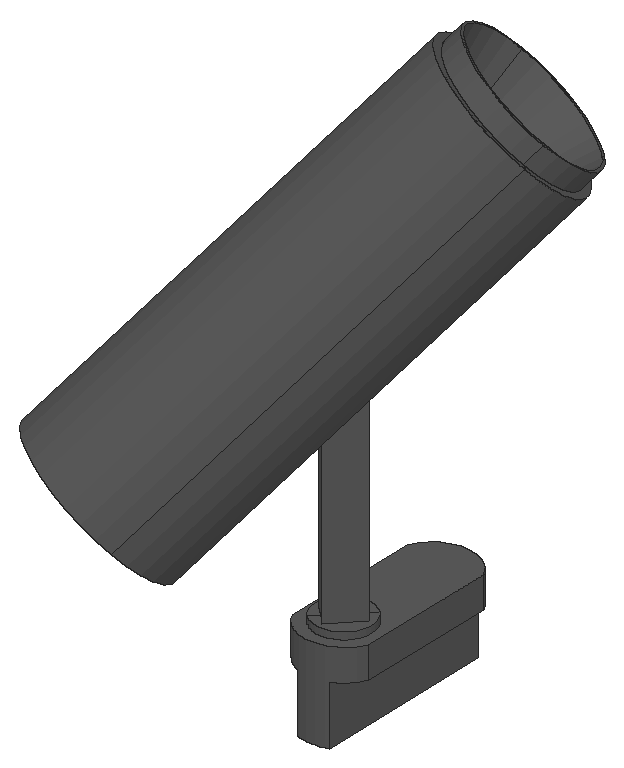
Revit family "0005527", category Lighting Fixtures, host Face, Revit 2017
Family settings
  Host = Face
  Round Connector Dimension = Use Diameter
  Part Type = Normal
  OmniClass Number = 23.80.70.00
  OmniClass Title = Lighting
  Cut with Voids When Loaded = No
  Light Source = No
  Shared = No
  Room Calculation Point = No
Parameters (values of type "0005527 LENZO L 32W 2000LM 930 GLB O/B BLACK - WB")
  Weight = "n/a"
  Wattage Comments = ""
  WarrantyStartDate [instance] = "n/a"
  WarrantyGuarantorParts = "n/a"
  WarrantyDurationUnit = "n/a"
  WarrantyDurationParts = "n/a"
  WarrantyDescription = "n/a"
  Voltage = 230 V
  VerticalRotation_SYL [instance] = 45.00°
  VerticalEndAngle_SYL [instance] = VerticalRotation_SYL - 180.00°  # -135.00°
  URL = "http://www.sylvania-lighting.com"
  TypeName = "LENZO L 32W 2000LM 930 GLB ON BOARD DIMMING BLACK - WB"
  TypeHead_SYL = Lenzo Head : 0005527 LENZO L 32W 2000LM 930 GLB O/B BLACK - WB
  Type Image = <None>
  Type Comments = "n/a"
  SerialNumber [instance] = "n/a"
  Material_3_SYL = none
  PowerFactor = 0
  PowerConsumption = "28 W"
  NominalLength = 76 mm
  NominalHeight = 305 mm
  NominalDepth = 76 mm
  Name = "LENZO L 32W 2000LM 930 GLB ON BOARD DIMMING BLACK - WB"
  ModelReference = Name  # "LENZO L 32W 2000LM 930 GLB ON BOARD DIMMING BLACK - WB"
  ModelNumber = "0005527"
  Model = Name  # "LENZO L 32W 2000LM 930 GLB ON BOARD DIMMING BLACK - WB"
  Material = "aluminium housing, none diffuser"
  ManufacturerName = "Feilo Sylvania"
  Manufacturer = "Feilo Sylvania"
  LuminousEfficacy = "56 lm/W"
  LuminaireType = ""
  LightOutputRatio = "n/a"
  LampsType = Lamp  # "LED"
  LampNominalLuminous = "800/1600 lm"
  LampMacAdamStep = "3"
  LampColourTemperature = "3000 K"
  LampColourRenderingIndex = "90"
  Lamp = "LED"
  Keynote = "16500"
  InstallationDate [instance] = "n/a"
  InputVoltage = "220-240 V AC"
  InputNominalFrequency = "50/60 Hz"
  IngressProtection = "IP20"
  ImpactProtectionIndex = "IK02"
  IfcExportType = "IfcLightFixtureType"
  IfcExportAs = "IfcLightFixtureType"
  HorizontalRotation_SYL [instance] = -45.00°
  ExpectedLife = 50000
  ElectricShockClassification = "Class I"
  DurationUnit = "hours"
  DocumentationLiterature = "http://www.sylvania-lighting.com/product/en-int/products/0005527"
  DimmingControlOptions = "on board dimming"
  Material_2_SYL = Spacer-Sylvania-StartTrackSpot-Aluminium
  Description = "LENZO L 32W 2000LM 930 GLB O/B BLACK - WB"
  Default Elevation = 1219.2 mm
  CreatedOn = "9/25/2019"
  CreatedBy = "@sylvania-lighting.com"
  Cost = 0
  built-in parameter 1114216 [instance] = (empty or 0)
  ClassificationValue = "EF_70_80"
  ClassificationName = "Uniclass2015"
  Material_1_SYL = Body-Sylvania-StartTrackSpot-Black
  BarCode [instance] = "n/a"
  AssetType = "Fixed"
  AssetIdentifier [instance] = "n/a"
  Assembly Code = "D5020200"
  Apparent Load = 28 VA
  Material_4_SYL = none
Types (2, lengths in mm): name | TypeName | TypeHead_SYL | Name | ModelReference | Model | Description
  0005527 LENZO L 32W 2000LM 930 GLB O/B BLACK - WB | "LENZO L 32W 2000LM 930 GLB ON BOARD DIMMING BLACK - WB" | Lenzo Head : 0005527 LENZO L 32W 2000LM 930 GLB O/B BLACK - WB | "LENZO L 32W 2000LM 930 GLB ON BOARD DIMMING BLACK - WB" | "LENZO L 32W 2000LM 930 GLB ON BOARD DIMMING BLACK - WB" | "LENZO L 32W 2000LM 930 GLB ON BOARD DIMMING BLACK - WB" | "LENZO L 32W 2000LM 930 GLB O/B BLACK - WB"
  0005527 LENZO L 32W 2000LM 930 GLB O/B BLACK - NB | "LENZO L 32W 2000LM 930 GLB ON BOARD DIMMING BLACK - NB" | Lenzo Head : 0005527 LENZO L 32W 2000LM 930 GLB O/B BLACK - NB | "LENZO L 32W 2000LM 930 GLB ON BOARD DIMMING BLACK - NB" | "LENZO L 32W 2000LM 930 GLB ON BOARD DIMMING BLACK - NB" | "LENZO L 32W 2000LM 930 GLB ON BOARD DIMMING BLACK - NB" | "LENZO L 32W 2000LM 930 GLB O/B BLACK - NB"
Reference planes
  plane 1 "Center (Front/Back)": y = 0
  plane 2: z = 0
  plane 3 "Center (Left/Right)": x = 0
  plane 4: x = 16.6
  plane 5: x = -16.6
  plane 6: x = 7
  plane 7: x = -7
  plane 8: x = -12.8
  plane 9: y = 42
  plane 10: y = 42
  plane 11: y = -42
  plane 12: y = 31.4
  plane 13: y = -31.4
  plane 14: z = -26
  plane 15: z = 14
  plane 16: z = 14
  plane 17: y = -17.4
  plane 18: y = -6.8
  plane 19: y = -24.4
Forms (mm)
  Extrusion 1, solid, material "Body-Sylvania-StartTrackSpot-Black" <- "Material_1_SYL"
    sketch origin (0, 0, 0) x (1, 0, 0) y (0, 1, 0)
      loop
        line (-16.6, 31.4) -> (-16.6, -31.4)
        arc (-16.6, -31.4) -> (0, -42) -> (16.6, -31.4) r 18.298
        line (16.6, -31.4) -> (16.6, 31.4)
        arc (16.6, 31.4) -> (0, 42) -> (-16.6, 31.4) r 18.298
    from -26 to 14
  Extrusion 2, void
    sketch origin (0, 0, 0) x (1, 0, 0) y (0, 1, 0)
      loop
        arc (-7, 40.608) -> (-12.666, 36.907) -> (-16.6, 31.4) r 18.298
        line (-16.6, 31.4) -> (-16.6, -31.4)
        arc (-16.6, -31.4) -> (-12.666, -36.907) -> (-7, -40.608) r 18.298
        line (-7, -40.608) -> (-7, 40.608)
      loop
        line (16.6, -31.4) -> (16.6, 31.4)
        arc (16.6, 31.4) -> (12.666, 36.907) -> (7, 40.608) r 18.298
        line (7, 40.608) -> (7, -40.608)
        arc (7, -40.608) -> (12.666, -36.907) -> (16.6, -31.4) r 18.298
    from 0 to -26
  Revolve 3, solid, not visible
    sketch origin (1524, -24.4, 1219.2) x (1, 0, 0) y (0, 0, 1)
      loop
        line (-1524, -1202.5) -> (-1524, -1183.235) -> (-1531, -1183.235) -> (-1531, -1202.5) -> (-1524, -1202.5)
      axis (-1524, -1183.235) -> (-1524, -1202.5)
    angle from 45 <- "VerticalRotation_SYL" to -135 <- "VerticalEndAngle_SYL"
Cuts and joins
  Extrusion 2 cuts Extrusion 1
Lines and regions (mm)
  reference lines
    curve 1: circle (0, -24.4, 0) r 12.7 normal (0, 0, 1)
    curve 2: arc (-16.6, -31.4, 0) -> (0, -42, 0) -> (16.6, -31.4, 0) r 18.298
    curve 3: arc (-16.6, -17.4, 0) -> (0, -6.8, 0) -> (16.6, -17.4, 0) r 18.298
    curve 4: arc (-16.6, 31.4, 0) -> (0, 42, 0) -> (16.6, 31.4, 0) r 18.298
Dimensions and locks
  plane 6 to plane 3 "Center (Left/Right)" to plane 7 = 7 mm locked, 7 mm locked
  plane 4 to plane 3 "Center (Left/Right)" to plane 5 = 16.6 mm locked, 16.6 mm locked
  locked: plane 3 "Center (Left/Right)" to plane 8 at 12.8
  plane 11 to plane 1 "Center (Front/Back)" to plane 10 = 42 mm locked, 42 mm locked
  plane 13 to plane 1 "Center (Front/Back)" to plane 12 = 31.4 mm locked, 31.4 mm locked
  locked: plane 2 to plane 14 at 26
  locked: plane 13 to plane 17 at 14
  locked: plane 17 to plane 18 at 10.6
  equal spacing: plane 13, plane 19, plane 17
  locked: plane 19 to curve 2 at 0.698
  locked: curve 3 to plane 19 at 0.698
  locked: plane 16 to plane 2 at 14
  aligned and locked: plane 2 to host face
  aligned and locked: level to host face
  aligned and locked: plane 3 "Center (Left/Right)" to curve 1
  aligned and locked: plane 19 to curve 1
  aligned and locked: plane 13 to curve 2  (x2)
  aligned and locked: plane 17 to curve 3  (x2)
  aligned and locked: plane 12 to curve 4  (x2)
  aligned and locked: plane 4 to curve 4
  aligned and locked: plane 3 "Center (Left/Right)" to curve 4
  aligned and locked: plane 5 to curve 2
  aligned and locked: plane 5 to curve 3
  aligned and locked: plane 4 to curve 3
  aligned and locked: plane 4 to curve 2
  aligned and locked: plane 12 to Extrusion 1 sketch curve
  aligned and locked: plane 13 to Extrusion 1 sketch curve
  aligned and locked: Extrusion 1 sketch curve to curve 4
  aligned and locked: Extrusion 1 sketch curve to curve 2
  aligned and locked: Extrusion 1 to plane 15
  aligned and locked: plane 14 to Extrusion 1
  aligned and locked: Extrusion 2 sketch curve to Extrusion 1  (x5)
  aligned and locked: Extrusion 2 sketch curve to plane 7
  aligned and locked: plane 14 to Extrusion 2
  aligned and locked: level to Extrusion 2
  aligned and locked: Revolve 3 sketch curve to plane 3 "Center (Left/Right)"
  aligned and locked: plane 16 to nested 1
  aligned and locked: plane 16 to plane 15
Automatic sketch dimensions
  plane 12 to curve 4 = 7.698 mm
  plane 12 to Extrusion 2 sketch curve = 0 mm
  Extrusion 2 sketch curve to Extrusion 2 sketch curve = 0 mm  (x2)
  Extrusion 2 sketch curve to plane 6 = 0 mm
  Revolve 3 sketch curve to plane 7 = 0 mm
  Revolve 3 sketch curve to Revolve 3 sketch curve = 19.265 mm
  plane 14 to Revolve 3 sketch curve = 583.6 mm
  Revolve 3 sketch curve to Revolve 3 sketch curve = 2558.594 mm
  Revolve 3 sketch curve to plane 3 "Center (Left/Right)" = 0 mm
  host sketch curve to host sketch curve = 200 mm  (x2)
  Revolve 3 sketch curve to plane 16 = 2.7 mm
  radius of curve 1 = 12.7 mm
Nested families
  nested 1: "Lenzo Arm" at (0, -24.4, 14) x (0, 0, -1) z (0.7071, 0.7071, 0), HorizontalRotation_SYL <- "HorizontalRotation_SYL", type "START Track Spot Integral WH"
    with HorizontalRotation_SYL -45.00°, HorizontalEndAngle_SYL -225.00°
  nested 2: "Lenzo Head" at (-14.453, -38.853, 130.44) x (0.7071, -0.7071, 0) z (-0.5, -0.5, -0.7071), type <- "TypeHead_SYL", type "0005527 LENZO L 32W 2000LM 930 GLB O/B BLACK - WB"
    with built-in parameter 1114216 (empty or 0)
Connectors
  electrical at (0, 0, 0), driven by "Apparent Load", driven by "PowerFactor", driven by "Voltage"
    settings: index 1, voltage 230 V, apparent load 28 VA, apparent load phase1 0 VA, apparent load phase2 0 VA, apparent load phase3 0 VA, power factor 0, load classification "Lighting", number of poles 1, system type 30, power factor state 1, is connector primary yes, connector utility no, sub classification motor no, connector description ""
Definition of nested family "Lenzo Arm"
  Parameters (values of type "START Track Spot Integral WH")
    URL = "http://www.sylvania-lighting.com"
    Type Image = (empty or 0)
    Type Comments = "n/a"
    Material_3_SYL = none
    Model = ""
    Manufacturer = "Feilo Sylvania"
    Keynote = ""
    Material_2_SYL = none
    HorizontalRotation_SYL [instance] = 0.00°
    HorizontalEndAngle_SYL [instance] = HorizontalRotation_SYL - 180.00°  # -180.00°
    Description = ""
    Default Elevation = 1219.2 mm
    Cost = 0
    Material_1_SYL = none
    Assembly Code = ""
    Material_4_SYL = none
  Reference planes
    plane 1 "Center (Front/Back)": y = 0
    plane 2: z = 0
    plane 3 "Center (Left/Right)": x = 0
    plane 4: x = -3
    plane 5: z = -12.5
    plane 6: z = 12.5
    plane 7: x = -96
    plane 8: z = 8
    plane 9: z = -8
    plane 10: x = -103
    plane 11: y = 5.5
    plane 12: y = -5.5
  Forms (mm)
    Extrusion 1, solid
      sketch origin (1116.2, 0, 0) x (1, 0, 0) y (0, 1, 0)
        loop
          line (-1283.103, 99.845) -> (-1283.103, -100.155) -> (-1083.103, -100.155) -> (-1083.103, 99.845) -> (-1283.103, 99.845)
      from 0 to -68.017
    Revolve 2, solid, material <- "Material_1_SYL"
      sketch origin (0, 0, 0) x (1, 0, 0) y (0, 0, 1)
        loop
          line (0, 0) -> (0, 12.5) -> (-3, 12.5) -> (-3, 0) -> (0, 0)
        axis (-3, 0) -> (0, 0)
      angle from 360 to 0
    Extrusion 3, solid, material <- "Material_1_SYL"
      sketch origin (0, 0, 0) x (1, 0, 0) y (0, 0, 1)
        loop
          line (-3, 8) -> (-103, 8) -> (-103, -8) -> (-3, -8) -> (-3, 8)
      from -5.5 to 5.5
    Revolve 4, solid, not visible
      sketch origin (-96, -4572, 2609.058) x (0, 0, 1) y (0, -1, 0)
        loop
          line (-2609.058, -4553.46) -> (-2609.058, -4590.54) -> (-2605.058, -4590.54) -> (-2605.058, -4553.46) -> (-2609.058, -4553.46)
        axis (-2609.058, -4553.46) -> (-2609.058, -4590.54)
      angle from 0 <- "HorizontalRotation_SYL" to -180 <- "HorizontalEndAngle_SYL"
  Dimensions and locks
    locked: plane 3 "Center (Left/Right)" to plane 4 at 3
    plane 6 to plane 2 to plane 5 = 12.5 mm locked, 12.5 mm locked
    equal spacing: Revolve 4 sketch curve, plane 1 "Center (Front/Back)", Revolve 4 sketch curve
    locked: Revolve 4 sketch curve to plane 1 "Center (Front/Back)" at 18.54
    locked: plane 4 to plane 10 at 100
    locked: plane 1 "Center (Front/Back)" to plane 11 at 5.5
    locked: plane 12 to plane 1 "Center (Front/Back)" at 5.5
    plane 8 to plane 2 to plane 9 = 8 mm, 8 mm
    locked: plane 7 to plane 10 at 7
    aligned and locked: plane 2 to Extrusion 1
    aligned and locked: level to Extrusion 1
    aligned and locked: plane 12 to Extrusion 3
    aligned and locked: Extrusion 3 to plane 11
    aligned and locked: plane 9 to Extrusion 3 sketch curve
    aligned and locked: Extrusion 3 sketch curve to plane 8
    aligned and locked: Extrusion 3 sketch curve to plane 10
    aligned and locked: Revolve 2 sketch curve to plane 6
Definition of nested family "Lenzo Head"
  Parameters (values of type "0005527 LENZO L 32W 2000LM 930 GLB O/B BLACK - NB")
    WidthCutOut_SYL = 13 mm  # constant formula
    Wattage Comments = "n/a"
    Wattage = 28 W
    built-in parameter 1150110 = 1 (stored number, unit not read)
    URL = "http://www.sylvania-lighting.com"
    Type Image = (empty or 0)
    Type Comments = "n/a"
    built-in parameter 1114217 = 1 (stored number, unit not read)
    Tilt Angle = 90.00°
    built-in parameter 1150109 = 1 (stored number, unit not read)
    built-in parameter 1150134 = (empty or 0)
    built-in parameter 1150113 = 1 (stored number, unit not read)
    S_SYL = no
    RadiusLensOut_SYL = 21 mm
    RadiusLensHolder_SYL = 1.8 mm  # constant formula
    RadiusHead_SYL = if(S_SYL, 30 mm, 38 mm)  # 38 mm
    RadiusEmission_SYL = 8 mm
    Photometric Web File = "0005527-NB.ies"
    Material_3_SYL = none
    Model = "LENZO L 32W 2000LM 930 GLB ON BOARD DIMMING BLACK - NB"
    Manufacturer = "Feilo Sylvania"
    built-in parameter 1150105 = 124.78 (stored number, unit not read)
    Lumens = 1568 lm
    built-in parameter 1150115 = 1 (stored number, unit not read)
    built-in parameter 1150137 = (empty or 0)
    built-in parameter 1150139 = (empty or 0)
    LensProtrusion_SYL = 27 mm
    built-in parameter 1150112 = 1 (stored number, unit not read)
    built-in parameter 1150114 = 1 (stored number, unit not read)
    Lamp = "LED"
    Keynote = "16500"
    Material_2_SYL = none
    built-in parameter 1150132 = (empty or 0)
    built-in parameter 1150102 = (empty or 0)
    built-in parameter 1150107 = 3000 (stored number, unit not read)
    built-in parameter 1150138 = (empty or 0)
    built-in parameter 1150106 = 1.2478 (stored number, unit not read)
    Height_SYL = if(S_SYL, 162 mm, 201 mm)  # 201 mm
    HeightCutOut_SYL = if(S_SYL, 76 mm, 96 mm)  # 96 mm
    Emit from Circle Diameter = RadiusLensOut_SYL * 2  # 42 mm
    Emit Shape Visible in Rendering = no
    built-in parameter 1150104 = 5.2026 (stored number, unit not read)
    DistRotateAxisY_SYL = if(S_SYL, 66 mm, 90 mm)  # 90 mm
    Dimming Lamp Color Temperature Shift = (empty or 0)
    Description = "LENZO L 32W 2000LM 930 GLB O/B BLACK - NB"
    DepthCutOut_SYL = 16 mm  # constant formula
    Default Elevation = 1219.2 mm
    Cost = 0
    Color Filter = 16777215
    built-in parameter 1114216 [instance] = (empty or 0)
    Material_1_SYL = none
    built-in parameter 1114218 = 1 (stored number, unit not read)
    built-in parameter 1150133 = 10 (stored number, unit not read)
    Assembly Code = "D5020200"
    Apparent Load = 28 VA
    Material_4_SYL = none
  Types (2, lengths in mm): name | Photometric Web File | Model | LensProtrusion_SYL | Description
    0005527 LENZO L 32W 2000LM 930 GLB O/B BLACK - WB | "0005527-WB.ies" | "LENZO L 32W 2000LM 930 GLB ON BOARD DIMMING BLACK - WB" | 10 | "LENZO L 32W 2000LM 930 GLB O/B BLACK - WB"
    0005527 LENZO L 32W 2000LM 930 GLB O/B BLACK - NB | "0005527-NB.ies" | "LENZO L 32W 2000LM 930 GLB ON BOARD DIMMING BLACK - NB" | 27 | "LENZO L 32W 2000LM 930 GLB O/B BLACK - NB"
  Reference planes
    plane 1 "Center (Front/Back)": y = 0
    plane 2: z = 0
    plane 3 "Center (Left/Right)": x = 0
    plane 4: x = 38
    plane 5: z = 90
    plane 6: z = -111
    plane 7: x = 34.5
    plane 8: x = 21
    plane 9: x = 8
    plane 10: z = -75
    plane 11: z = -6
    plane 12: x = 33.5
    plane 13: z = -88
    plane 14: z = -73
    plane 15: z = -1
    plane 16: x = 6.5
    plane 17: x = -6.5
    plane 18: y = -38
    plane 19: y = -22
    plane 20: y = -30
    plane 21: z = -138
    plane 22: x = 24.5
    plane 23: z = -113
    plane 24: z = -134.762
    plane 25: z = -134.762
    plane 26: x = 1.5
    plane 27: z = -82.762
    plane 28: x = -1.5
    plane 29: z = -84.762
    plane 30: z = -84.762
    plane 31: z = -132.762
    plane 32: x = -51.5
    plane 33: z = -132.762
    plane 34: z = -84.762
    plane 35: z = -134.762
    plane 36: z = -134.762
    plane 37: x = 26.5
    plane 38: z = -105
  Forms (mm)
    Extrusion 1, solid
      sketch origin (4.2, -1183.2, 0) x (1, 0, 0) y (0, 1, 0)
        loop
          line (-55.7, 1231.317) -> (-55.7, 1131.317) -> (44.3, 1131.317) -> (44.3, 1231.317) -> (-55.7, 1231.317)
      from 0 to -20
    Revolve 2, solid, material <- "Material_1_SYL"
      sketch origin (0, 0, 0) x (1, 0, 0) y (0, 0, 1)
        loop
          line (38, -111) -> (38, 90) -> (34.5, 90) -> (34.5, -111) -> (38, -111)
        axis (0, 90) -> (0, -111)
      angle from 360 to 0
    Revolve 3, solid, material <- "Material_1_SYL"
      sketch origin (0, 0, 0) x (1, 0, 0) y (0, 0, 1)
        loop
          line (34.5, 90) -> (0, 90) -> (0, -6) -> (34.5, -6) -> (34.5, 90)
        axis (0, 90) -> (0, -6)
      angle from 360 to 0
    Revolve 4, solid
      sketch origin (0, 0, 0) x (1, 0, 0) y (0, 0, 1)
        loop
          line (0, -75) -> (8, -75)
          arc (8, -75) -> (22.311, -78.438) -> (33.5, -88) r 31.51
          line (33.5, -88) -> (34.5, -88) -> (34.5, -73) -> (0, -73) -> (0, -75)
        axis (0, -73) -> (0, -88)
      angle from 360 to 0
    Extrusion 5, void
      sketch origin (1524, -38, 1219.2) x (-1, 0, 0) y (0, 0, 1)
        loop
          line (1530.5, -1225.2) -> (1530.5, -1129.2) -> (1517.5, -1129.2) -> (1517.5, -1225.2) -> (1530.5, -1225.2)
      from 0 to 16
    Revolve 6, solid, material <- "Material_1_SYL"
      sketch origin (0, 0, 0) x (1, 0, 0) y (0, 0, 1)
        loop
          line (34.5, -138) -> (34.5, -105) -> (24.5, -105) -> (24.5, -113) -> (33.5, -138) -> (34.5, -138)
        axis (0, -105) -> (0, -138)
      angle from 360 to 0
    Revolve 7, solid, material <- "Material_2_SYL"
      sketch origin (0, 0, 0) x (1, 0, 0) y (0, 0, 1)
        loop
          line (0, -113) -> (24.5, -113) -> (24.5, -105) -> (0, -105) -> (0, -113)
        axis (0, -105) -> (0, -113)
      angle from 360 to 0
  Cuts and joins
    Extrusion 5 cuts Revolve 3
    Extrusion 5 cuts Revolve 2
  Dimensions and locks
    "RadiusHead_SYL": plane 4 to plane 3 "Center (Left/Right)"
    "DistRotateAxisY_SYL": plane 5 to plane 2
    "Height_SYL": plane 5 to plane 6
    plane 4 to plane 7 = 3.5 mm
    "RadiusLensOut_SYL": plane 8 to plane 3 "Center (Left/Right)"
    "RadiusEmission_SYL": plane 9 to plane 3 "Center (Left/Right)"
    "HeightCutOut_SYL": plane 5 to plane 11
    plane 12 to plane 8 = 12.5 mm
    locked: plane 2 to plane 15 at 1
    equal spacing: plane 16, plane 3 "Center (Left/Right)", plane 17
    "WidthCutOut_SYL": plane 16 to plane 17
    "RadiusHead_SYL": plane 18 to plane 1 "Center (Front/Back)"
    "DepthCutOut_SYL": plane 18 to plane 19
    equal spacing: plane 18, plane 20, plane 19
    "LensProtrusion_SYL": plane 6 to plane 21
    locked: plane 14 to plane 10 at 2
    locked: plane 10 to plane 13 at 13
    locked: plane 7 to plane 22 at 10
    locked: plane 23 to plane 21 at 25
    locked: plane 7 to plane 12 at 1
    locked: plane 38 to plane 23 at 8
    locked: plane 13 to plane 6 at 23
    aligned and locked: plane 2 to Extrusion 1
    aligned and locked: level to Extrusion 1
    aligned and locked: Revolve 2 sketch curve to plane 3 "Center (Left/Right)"
    aligned and locked: Revolve 2 sketch curve to plane 6
    aligned and locked: Revolve 2 sketch curve to plane 4
    aligned and locked: plane 5 to Revolve 2 sketch curve
    aligned and locked: plane 7 to Revolve 2 sketch curve
    aligned and locked: Revolve 3 sketch curve to plane 3 "Center (Left/Right)"
    aligned and locked: Revolve 3 sketch curve to Revolve 2  (x3)
    aligned and locked: Revolve 3 sketch curve to plane 11
    aligned and locked: plane 3 "Center (Left/Right)" to Revolve 3 sketch curve
    aligned and locked: Revolve 4 sketch curve to plane 3 "Center (Left/Right)"  (x2)
    aligned and locked: plane 3 "Center (Left/Right)" to Revolve 4 sketch curve
    aligned and locked: plane 9 to Revolve 4 sketch curve
    aligned and locked: plane 10 to Revolve 4 sketch curve
    aligned and locked: plane 12 to Revolve 4 sketch curve
    aligned and locked: plane 13 to Revolve 4 sketch curve
    aligned and locked: plane 11 to Extrusion 5 sketch curve
    aligned and locked: Extrusion 5 sketch curve to plane 17
    aligned and locked: Extrusion 5 sketch curve to plane 5
    aligned and locked: plane 16 to Extrusion 5 sketch curve
    aligned and locked: Extrusion 5 to plane 19
    aligned and locked: plane 18 to Extrusion 5
    aligned and locked: plane 3 "Center (Left/Right)" to imposter light
    aligned and locked: imposter light to plane 1 "Center (Front/Back)"
    aligned and locked: Revolve 6 sketch curve to plane 3 "Center (Left/Right)"
    aligned and locked: plane 7 to Revolve 6 sketch curve
    aligned and locked: Revolve 6 sketch curve to plane 21
    aligned and locked: Revolve 6 sketch curve to plane 7
    aligned and locked: Revolve 7 sketch curve to Revolve 6  (x2)
    aligned and locked: Revolve 7 sketch curve to plane 3 "Center (Left/Right)"  (x2)
    aligned and locked: Revolve 6 to Revolve 7 sketch curve
    aligned and locked: imposter light to plane 23
  Automatic sketch dimensions
    plane 6 to Revolve 2 sketch curve = 487.1 mm
    Revolve 2 sketch curve to plane 5 = 2571.558 mm
    Revolve 4 sketch curve to plane 10 = 2 mm
    plane 6 to Revolve 4 sketch curve = 487.1 mm
    Revolve 4 sketch curve to plane 5 = 2571.558 mm
    Revolve 4 sketch curve to plane 7 = 0 mm
    plane 6 to Revolve 3 sketch curve = 487.1 mm
    Revolve 3 sketch curve to Revolve 3 sketch curve = 2571.558 mm
    Extrusion 1 sketch curve to Extrusion 1 sketch curve = 100 mm  (x2)
    Revolve 6 sketch curve to plane 22 = 0 mm
    Revolve 6 sketch curve to plane 12 = 0 mm
    Revolve 6 sketch curve to plane 23 = 0 mm
    Revolve 6 sketch curve to plane 38 = 0 mm
    Revolve 6 sketch curve to plane 5 = 2592.258 mm
    Revolve 7 sketch curve to plane 5 = 2592.258 mm
    plane 21 to Revolve 6 sketch curve = 456.4 mm
    plane 21 to Revolve 7 sketch curve = 456.4 mm
